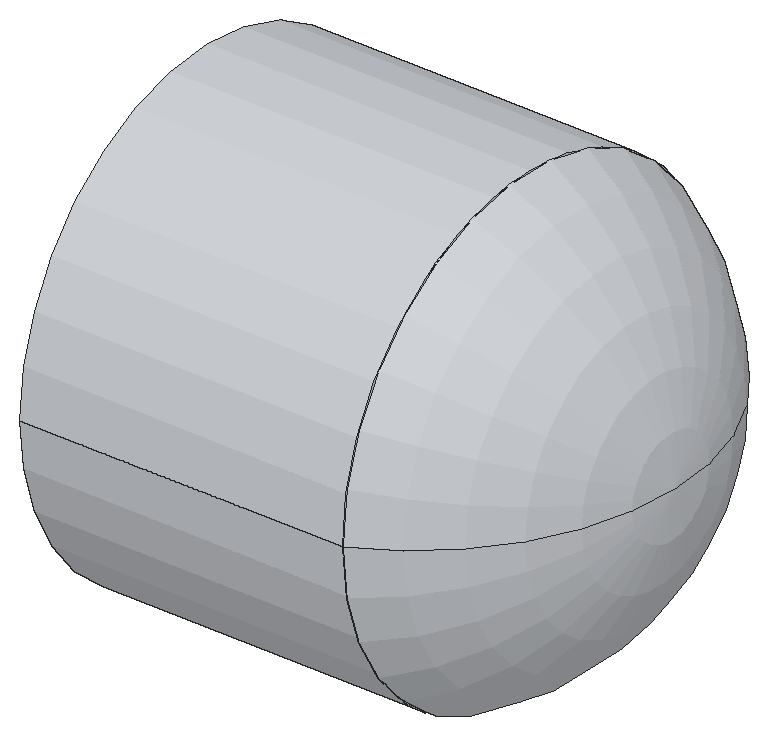
Revit family "4d1ce6f739b34cf49fe3399ac8be1049", category Pipe Fittings, Revit 2021
Family settings
  Round Connector Dimension = Use Radius
  Part Type = Cap
  OmniClass Number = 23.60.30.11.14
  OmniClass Title = Pipework Fittings
  Seek Item ID = Cap - PVC - Sch 40-0000-USA-ENU
  Work Plane-Based = No
  Always vertical = Yes
  Cut with Voids When Loaded = No
  Shared = No
Parameters (values of type "Standard")
  Socket Length [instance] = size_lookup(Lookup Table Name, "SLgt", 0.44 * Nominal Diameter + 161/256", Nominal Diameter)  # 3/4"
  Radius 1 [instance] = (Height - Socket Length) / 2 + 0.5 * (Socket Outside Radius ^ 2) / (Height - Socket Length)  # 0.6068"
  Nominal Radius [instance] = 1/4"
  Nominal Diameter [instance] = Nominal Radius * 2  # 1/2"
  Loss Method = Not Defined
  Lookup Table Name = "Cap - PVC - Sch 40"
  Length 1 [instance] = sqrt((Radius 1 - (Height - Socket Length)) ^ 2 + Socket Outside Radius ^ 2)  # 0.6068"
  Height [instance] = size_lookup(Lookup Table Name, "Hgt", 0.67 * Nominal Diameter + 215/256", Nominal Diameter)  # 1.09"
  Socket Outside Radius [instance] = Socket Outside Diameter / 2  # 0.545"
  Socket Outside Diameter [instance] = size_lookup(Lookup Table Name, "SOD", 1.11 * Nominal Diameter + 69/128", Nominal Diameter)  # 1.09"
  Default Elevation = 0' - 0"
Reference planes (in)
  plane 1 "Center (Front/Back)": y = 0
  plane 2: z = 0
  plane 3 "Center (Left/Right)": x = 0
  plane 4: x = 0.75
  plane 5: x = 1.09
  plane 6: y = 0.545
  plane 7: x = 0.4832
  plane 8: x = 1.09
Forms (in)
  Extrusion 1, solid, detail levels fine
    sketch origin (0, 0, 0) x (0, 1, 0) y (0, 0, 1)
      loop
        circle (0, 0) r 0.545
    from 0 to 0.75
  Revolve 2, solid, detail levels fine
    sketch origin (0, 0, 0) x (1, 0, 0) y (0, 1, 0)
      loop
        line (0.75, 0.545) -> (0.75, 0) -> (1.09, 0)
        arc (1.09, 0) -> (0.99803, 0.32118) -> (0.75, 0.545) r 0.6068
      axis (0.75, 0) -> (1.09, 0)
    angle from 0 to 360
Lines and regions (in)
  model lines, detail levels coarse+medium
    curve 1: line (0, 0.545, 0) -> (1.09, 0.545, 0)
    curve 2: line (1.09, 0.545, 0) -> (1.09, -0.545, 0)
    curve 3: line (1.09, -0.545, 0) -> (0, -0.545, 0)
Dimensions and locks (in)
  "Socket Length": plane 3 "Center (Left/Right)" to plane 4
  "Height": plane 3 "Center (Left/Right)" to plane 5
  equal spacing: curve 3, plane 1 "Center (Front/Back)", curve 1
  "Socket Outside Radius": plane 1 "Center (Front/Back)" to curve 1
  "Socket Outside Radius": plane 1 "Center (Front/Back)" to plane 6
  "Radius 1": plane 7 to plane 5
  "Length 1": plane 7 to plane 8
  "Socket Outside Radius": radius of Extrusion 1 sketch curve
  aligned and locked: level to Extrusion 1 sketch curve
  aligned and locked: plane 1 "Center (Front/Back)" to Extrusion 1 sketch curve
  aligned and locked: plane 4 to Extrusion 1
  aligned and locked: Extrusion 1 to plane 3 "Center (Left/Right)"
  aligned and locked: curve 2 to plane 5
  aligned and locked: plane 3 "Center (Left/Right)" to curve 1
  aligned and locked: plane 3 "Center (Left/Right)" to curve 3
  aligned and locked: plane 1 "Center (Front/Back)" to Revolve 2 sketch curve  (x4)
  aligned and locked: plane 7 to Revolve 2 sketch curve  (x2)
  aligned and locked: plane 4 to Revolve 2 sketch curve  (x3)
  aligned and locked: plane 6 to Revolve 2 sketch curve
Connectors (in)
  piping at (0, 0, 0), diameter 0.5, driven by "Nominal Radius"
    settings: on Extrusion 1, index 1, connector inside diameter 1/2", connector length 0' - 0", flow factor 0, pipe flow 0 GPM, pressure drop 0.00 psi, fitting loss kfactor 0, connector angle 0.00°, fixture units 0, engagement length 0' - 0", angle of deflection 0.00°, flow configuration 0, flow direction 0, fitting loss method 0, system type 28, joint type 0, gender type 0, connector reference index -1, connector utility 0, adjustable connector no, is connector primary yes, connector description ""
